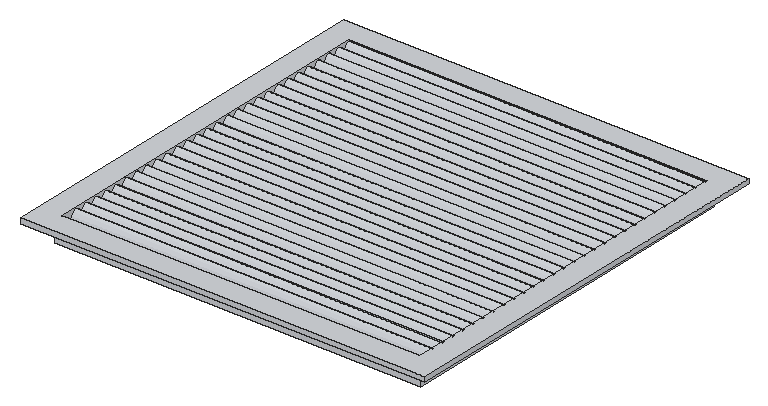
Revit family "R-1", category Mechanical Equipment, host Face, Revit 2025
Family settings
  Host = Face
  Round Connector Dimension = Use Diameter
  Classification = None
  Part Type = Normal
  Cut with Voids When Loaded = Yes
  Maintain Annotation Orientation = No
  Shared = No
  Room Calculation Point = No
Parameters
  x = S - 1"  # 21 1/4"
  S - 3/4" = (S - 3/4") / 2  # 10 3/4"
  Flow [instance] = 0 CFM
  D' [instance] = D / 2  # 8"
  S - 1/2" = (S - 1/2") / 2  # 10 7/8"
  S + 1 3/4" = (S + 1 3/4") / 2  # 12"
  S = 22 1/4"
  Default Elevation = 48"
  D [instance] = 16"
  Blade Count = rounddown(S / (3/4")) - 1  # 28
Reference planes (in)
  plane 1 "Center (Front/Back)": y = 0
  plane 2: z = 0
  plane 3 "Center (Left/Right)": x = 0
  plane 4: y = 10.625
  plane 5: y = -10.625
  plane 6: x = 0
  plane 7: y = 0
Forms (in)
  Sweep 1, solid, detail levels medium+fine
    path origin (0, 0, 0) x (1, 0, 0) y (0, 1, 0)
      loop
        line (-11.125, 11.125) -> (-11.125, -11.125) -> (11.125, -11.125) -> (11.125, 11.125) -> (-11.125, 11.125)
    profile origin (0, 11.125, 0) x (0, 1, 0) y (0, 0, 1)
      loop
        line (-0.5, 0.125) -> (-0.5, -1.125) -> (-0.375, -1.125) -> (-0.375, 0) -> (0.75, 0) -> (0.75, -0.15671) -> (0.875, -0.15671) -> (0.875, 0.125) -> (-0.5, 0.125)
      loop
        line (-0.33748, -0.875) -> (-0.33748, -1.17973) -> (-3.25, -1.17973) -> (-3.25, -2.75) -> (-2.69819, -2.75) -> (-2.69819, -2.625) -> (-3.125, -2.625) -> (-3.125, -1.30473) -> (-0.25, -1.30473) -> (-0.25, -0.875) -> (-0.33748, -0.875)
  Extrusion 2, void
    sketch origin (0, 0, 0) x (1, 0, 0) y (0, 1, 0)
      loop
        line (-11.625, 11.625) -> (-11.625, -11.625) -> (11.625, -11.625) -> (11.625, 11.625) -> (-11.625, 11.625)
    from -0.875 to 0.37471
Lines and regions (in)
  symbolic lines, not visible
    curve 1: line (-18.4983, 15.79612, 0) -> (19.7517, 15.79612, 0)
    curve 2: line (-18.4983, -20.95388, 0) -> (-18.4983, 15.79612, 0)
    curve 3: line (19.7517, -20.95388, 0) -> (-18.4983, -20.95388, 0)
    curve 4: line (19.7517, 15.79612, 0) -> (19.7517, -20.95388, 0)
Dimensions and locks (in)
  equal spacing: Sweep 1 sketch curve, plane 3 "Center (Left/Right)", Sweep 1 sketch curve
  equal spacing: Sweep 1 sketch curve, plane 1 "Center (Front/Back)", Sweep 1 sketch curve
  "S": Sweep 1 sketch curve to Sweep 1 sketch curve  (x2)
  "S - 3/4"": plane 1 "Center (Front/Back)" to Sweep 1 sketch curve
  "S - 1/2"": plane 1 "Center (Front/Back)" to Sweep 1 sketch curve
  "S + 1 3/4"": plane 1 "Center (Front/Back)" to Sweep 1 sketch curve
  Sweep 1 sketch curve to plane 2 = 1 1/8"
  Sweep 1 sketch curve to Sweep 1 sketch curve = 2 7/8"
  "D'": plane 1 "Center (Front/Back)" to Sweep 1 sketch curve
  Sweep 1 sketch curve to Sweep 1 sketch curve = 1/8"  (x5)
  Sweep 1 sketch curve to Sweep 1 sketch curve = 0.28171"
  equal spacing: plane 5, plane 1 "Center (Front/Back)", plane 4
  "x": plane 5 to plane 4
  aligned and locked: plane 2 to host face
  aligned and locked: level to host face
  aligned and locked: nested 1 to plane 4
  aligned and locked: plane 5 to nested 1
  aligned and locked: plane 1 "Center (Front/Back)" to nested 2
Automatic sketch dimensions
  host sketch curve to host sketch curve = 96"  (x2)
  Extrusion 2 sketch curve to plane 3 "Center (Left/Right)" = 11 5/8"
  plane 3 "Center (Left/Right)" to Extrusion 2 sketch curve = 11 5/8"
  plane 1 "Center (Front/Back)" to Extrusion 2 sketch curve = 11 5/8"
  Extrusion 2 sketch curve to plane 1 "Center (Front/Back)" = 11 5/8"
  Sweep 1 sketch curve to level = 0"
  Sweep 1 sketch curve to Sweep 1 sketch curve = 0.42681"
  Sweep 1 sketch curve to Sweep 1 sketch curve = 0.08748"
  Sweep 1 sketch curve to Sweep 1 sketch curve = 1/8"
  Sweep 1 sketch curve to level = 1.30473"
  Sweep 1 sketch curve to Sweep 1 sketch curve = 1/4"
Nested families (in)
  nested 1: "Blades" at (0, 10.625, -0.88439) x (0, -1, 0) z (0, 0, 1), type "Family2", detail levels medium+fine
    with Width 21 1/4", built-in parameter 1001306 1.7708 (stored number, unit not read), Count 28
  nested 2: "Family4" at (0, 0, 0), type "Family4", detail levels coarse
Connectors (in)
  hvac at (0, 0, -2.75), driven by "D", driven by "D", driven by "Flow"
    settings: on Sweep 1, index 1, duct flow 0 CFM, flow factor 0, pres drop 0.00 in-wg, loss coef 0, conn angle 0.00°, conn width 16", conn height 16", conn diameter 24", duct sys type 1, conn prof type 1, flow config 0, flow direction 0, loss method 4, conn ref index -1, conn util no, is conn primary yes, conn desc ""
Definition of nested family "Blades"
  Parameters (values of type "Family2")
    Width [instance] = 27.05847"
    built-in parameter 1001306 [instance] = Width  # 27.05847"
    Default Elevation = 0"
    Count [instance] = round([built-in parameter 1001306] / (3/4"))  # 36
  Reference planes (in)
    plane 1 "Center (Front/Back)": y = 0
    plane 2: z = 0
    plane 3 "Left": x = 0
    plane 4 "Right": x = 27.05847
    plane 5: x = 27.05847
  Lines and regions (in)
    reference lines
      curve 1: line (0, 0, 0) -> (27.05847, 0, 0)
  Dimensions and locks (in)
    "built-in parameter 1001306": plane 3 "Left" to plane 4 "Right"
    equal spacing: group 1, group 2, group 3, group 4, group 5, group 6, group 7, group 8, group 9, group 10, group 11, group 12, group 13, group 14, group 15, group 16, group 17, group 18, group 19, group 20, group 21, group 22, group 23, group 24, group 25, group 26, group 27, group 28, group 29, group 30, group 31, group 32, group 33, group 34, group 35, group 36  (x3)
    aligned and locked: plane 4 "Right" to curve 1
    aligned and locked: plane 1 "Center (Front/Back)" to curve 1
    aligned and locked: plane 3 "Left" to curve 1
    aligned and locked: level to plane 2
    aligned and locked: plane 5 to plane 4 "Right"
  Nested families (in)
    nested 1: "Family3" at (0, 0, 0) x (0, 1, 0) z (0, 0, 1), type "Family3"
      with Width 27.05847"
    nested 2: "Family3" at (0.75, 0, 0) x (0, 1, 0) z (0, 0, 1), type "Family3"
      with Width 27.05847"
    nested 3: "Family3" at (1.5, 0, 0) x (0, 1, 0) z (0, 0, 1), type "Family3"
      with Width 27.05847"
    nested 4: "Family3" at (2.25, 0, 0) x (0, 1, 0) z (0, 0, 1), type "Family3"
      with Width 27.05847"
    nested 5: "Family3" at (3, 0, 0) x (0, 1, 0) z (0, 0, 1), type "Family3"
      with Width 27.05847"
    nested 6: "Family3" at (3.75, 0, 0) x (0, 1, 0) z (0, 0, 1), type "Family3"
      with Width 27.05847"
    nested 7: "Family3" at (4.5, 0, 0) x (0, 1, 0) z (0, 0, 1), type "Family3"
      with Width 27.05847"
    nested 8: "Family3" at (5.25, 0, 0) x (0, 1, 0) z (0, 0, 1), type "Family3"
      with Width 27.05847"
    nested 9: "Family3" at (6, 0, 0) x (0, 1, 0) z (0, 0, 1), type "Family3"
      with Width 27.05847"
    nested 10: "Family3" at (6.75, 0, 0) x (0, 1, 0) z (0, 0, 1), type "Family3"
      with Width 27.05847"
    nested 11: "Family3" at (7.5, 0, 0) x (0, 1, 0) z (0, 0, 1), type "Family3"
      with Width 27.05847"
    nested 12: "Family3" at (8.25, 0, 0) x (0, 1, 0) z (0, 0, 1), type "Family3"
      with Width 27.05847"
    nested 13: "Family3" at (9, 0, 0) x (0, 1, 0) z (0, 0, 1), type "Family3"
      with Width 27.05847"
    nested 14: "Family3" at (9.75, 0, 0) x (0, 1, 0) z (0, 0, 1), type "Family3"
      with Width 27.05847"
    nested 15: "Family3" at (10.5, 0, 0) x (0, 1, 0) z (0, 0, 1), type "Family3"
      with Width 27.05847"
    nested 16: "Family3" at (11.25, 0, 0) x (0, 1, 0) z (0, 0, 1), type "Family3"
      with Width 27.05847"
    nested 17: "Family3" at (12, 0, 0) x (0, 1, 0) z (0, 0, 1), type "Family3"
      with Width 27.05847"
    nested 18: "Family3" at (12.75, 0, 0) x (0, 1, 0) z (0, 0, 1), type "Family3"
      with Width 27.05847"
    nested 19: "Family3" at (13.5, 0, 0) x (0, 1, 0) z (0, 0, 1), type "Family3"
      with Width 27.05847"
    nested 20: "Family3" at (14.25, 0, 0) x (0, 1, 0) z (0, 0, 1), type "Family3"
      with Width 27.05847"
    nested 21: "Family3" at (15, 0, 0) x (0, 1, 0) z (0, 0, 1), type "Family3"
      with Width 27.05847"
    nested 22: "Family3" at (15.75, 0, 0) x (0, 1, 0) z (0, 0, 1), type "Family3"
      with Width 27.05847"
    nested 23: "Family3" at (16.5, 0, 0) x (0, 1, 0) z (0, 0, 1), type "Family3"
      with Width 27.05847"
    nested 24: "Family3" at (17.25, 0, 0) x (0, 1, 0) z (0, 0, 1), type "Family3"
      with Width 27.05847"
    nested 25: "Family3" at (18, 0, 0) x (0, 1, 0) z (0, 0, 1), type "Family3"
      with Width 27.05847"
    nested 26: "Family3" at (18.75, 0, 0) x (0, 1, 0) z (0, 0, 1), type "Family3"
      with Width 27.05847"
    nested 27: "Family3" at (19.5, 0, 0) x (0, 1, 0) z (0, 0, 1), type "Family3"
      with Width 27.05847"
    nested 28: "Family3" at (20.25, 0, 0) x (0, 1, 0) z (0, 0, 1), type "Family3"
      with Width 27.05847"
    nested 29: "Family3" at (21, 0, 0) x (0, 1, 0) z (0, 0, 1), type "Family3"
      with Width 27.05847"
    nested 30: "Family3" at (21.75, 0, 0) x (0, 1, 0) z (0, 0, 1), type "Family3"
      with Width 27.05847"
    nested 31: "Family3" at (22.5, 0, 0) x (0, 1, 0) z (0, 0, 1), type "Family3"
      with Width 27.05847"
    nested 32: "Family3" at (23.25, 0, 0) x (0, 1, 0) z (0, 0, 1), type "Family3"
      with Width 27.05847"
    nested 33: "Family3" at (24, 0, 0) x (0, 1, 0) z (0, 0, 1), type "Family3"
      with Width 27.05847"
    nested 34: "Family3" at (24.75, 0, 0) x (0, 1, 0) z (0, 0, 1), type "Family3"
      with Width 27.05847"
    nested 35: "Family3" at (25.5, 0, 0) x (0, 1, 0) z (0, 0, 1), type "Family3"
      with Width 27.05847"
    nested 36: "Family3" at (26.25, 0, 0) x (0, 1, 0) z (0, 0, 1), type "Family3"
      with Width 27.05847"
  Definition of nested family "Family3"
    Parameters
      Width = 51.16047"
      Default Elevation = 0"
    Reference planes (in)
      plane 1 "Center (Front/Back)": y = 0
      plane 2: z = 0
      plane 3 "Center (Left/Right)": x = 0
      plane 4: x = -25.58024
      plane 5: x = 25.58024
      plane 6: y = 0.48061
      plane 7: y = 0
    Forms (in)
      Extrusion 1, solid
        sketch origin (0, 0, 0) x (0, 1, 0) y (0, 0, 1)
          loop
            spline (0, 0.97814) -> (0.06956, 0.94089) -> (0.13307, 0.8956) -> (0.19053, 0.84226) -> (0.24194, 0.78087) -> (0.28731, 0.71143) -> (0.32662, 0.63394) -> (0.35989, 0.54841) -> (0.38711, 0.45482) -> (0.40828, 0.35319) -> (0.4234, 0.24351) -> (0.43247, 0.12578) -> (0.4355, 0)
            line (0.4355, 0) -> (0.48061, 0)
            spline (0.48061, 0) -> (0.47971, 0.1242) -> (0.47254, 0.24097) -> (0.4591, 0.35031) -> (0.4394, 0.45221) -> (0.41343, 0.54669) -> (0.38119, 0.63374) -> (0.34268, 0.71336) -> (0.29791, 0.78555) -> (0.24686, 0.85031) -> (0.18956, 0.90763) -> (0.12598, 0.95753) -> (0.05613, 1)
            line (0.05613, 1) -> (0, 0.97814)
        from -25.58024 to 25.58024
    Dimensions and locks (in)
      equal spacing: plane 4, plane 3 "Center (Left/Right)", plane 5
      "Width": plane 4 to plane 5
      aligned and locked: plane 2 to level
      aligned and locked: Extrusion 1 to plane 4
      aligned and locked: Extrusion 1 to plane 5
      aligned and locked: plane 6 to Extrusion 1
    Automatic sketch dimensions
      Extrusion 1 sketch curve to plane 1 "Center (Front/Back)" = 0"
      Extrusion 1 sketch curve to level = 0"
      Extrusion 1 sketch curve to plane 1 "Center (Front/Back)" = 0.05613"
      Extrusion 1 sketch curve to plane 1 "Center (Front/Back)" = 0.4355"
      Extrusion 1 sketch curve to Extrusion 1 sketch curve = 0.04511"
      level to Extrusion 1 sketch curve = 0.97814"
      Extrusion 1 sketch curve to Extrusion 1 sketch curve = 0.02186"
Definition of nested family "Family4"
  Parameters
    Size = 24"
    Default Elevation = 0"
  Reference planes (in)
    plane 1 "Center (Front/Back)": y = 0
    plane 2: z = 0
    plane 3 "Center (Left/Right)": x = 0
  Lines and regions (in)
    symbolic lines
      curve 1: line (-12, 12, 0) -> (12, 12, 0)
      curve 2: line (-12, -12, 0) -> (-12, 12, 0)
      curve 3: line (12, -12, 0) -> (-12, -12, 0)
      curve 4: line (12, 12, 0) -> (12, -12, 0)
      curve 5: line (-12, 12, 0) -> (12, -12, 0)
  Dimensions and locks (in)
    equal spacing: curve 2, plane 3 "Center (Left/Right)", curve 4
    equal spacing: curve 3, plane 1 "Center (Front/Back)", curve 1
    "Size": curve 3 to curve 1
    "Size": curve 2 to curve 4
    aligned and locked: plane 2 to level
